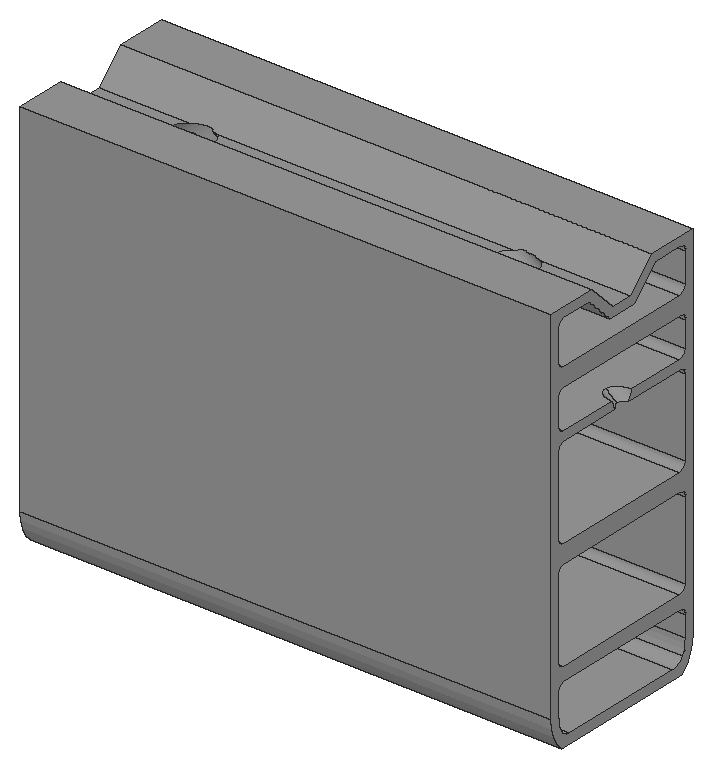
Revit family "ROTHOB_Rothoblaas_Plate_Slot", category Structural Connections, host Face, Revit 2020
Family settings
  Host = Face
  Material for Model Behavior = Other
  OmniClass Number = 23.13.23.11.19.13
  OmniClass Title = Wood Connectors
  Enable cutting in views = Yes
  Cut with Voids When Loaded = No
  Shared = No
Parameters (values of type "SLOT90_89x40x120mm")
  WarrantyStartDate [instance] = ""
  WarrantyGuarantorParts = "n/a"  # constant formula
  WarrantyGuarantorLabor = "n/a"  # constant formula
  WarrantyDurationUnit = "n/a"  # constant formula
  WarrantyDurationParts = "n/a"  # constant formula
  WarrantyDurationLabor = "n/a"  # constant formula
  WarrantyDescription = "n/a"  # constant formula
  Version = "2"  # constant formula
  UniClass2015Version = "Products v1.33"  # constant formula
  UniClass2015Title = "Aluminium structural sections"  # constant formula
  UniClass2015Code = "Pr_20_76_51_07"  # constant formula
  Tipo IFC predefinito = "USERDEFINED"  # constant formula
  SustainabilityPerformance = "n/a"  # constant formula
  Size = "89x40x120 mm"  # constant formula
  Shape = "Three-dimensional"  # constant formula
  ScrewNumber_nscrews = 2  # constant formula
  Revision = "1"  # constant formula
  ReplacementCost = "n/a"  # constant formula
  Manufacturer = "info@rothoblaas.com"  # constant formula
  InstallationDate [instance] = ""
  Description = "Connector for structural panels"  # constant formula
  Default Elevation = 1219.20 mm
  ProductInformation = "https://www.rothoblaas.com/products/fastening/brackets-and-plates/angle-brackets-and-plates-for-buildings/slot"  # constant formula
  ObjectMaterial = ROTHOB_Rothoblaas_Aluminium
  OmniClassVersion = "2012-05-16"  # constant formula
  OmniClassTitle = "Wood Connectors"  # constant formula
  OmniClassCode = "23-13 23 11 19 13"  # constant formula
  NominalWidth = Width_B  # 89.00 mm
  NominalLength = Length_L  # 120.00 mm
  NominalHeight = Height_H  # 40.00 mm
  Hwedge = 34.00 mm  # constant formula
  Height_H = 40.00 mm  # constant formula
  Name = "Plate"  # constant formula
  ModelReference = "n/a"  # constant formula
  ModelNumber = "SLOT90"  # constant formula
  ModelDisclaimer = "The latest version of the data sheets can be found on our website"  # constant formula
  MinWeight = "0.4 kg"  # constant formula
  Material = "Aluminium"  # constant formula
  ManufacturerURL = "www.rothoblaas.com"  # constant formula
  ManufacturerName = "ROTHO BLAAS SRL"  # constant formula
  IfcExportType = "USERDEFINED"  # constant formula
  IfcExportAs = "IfcMemberType"  # constant formula
  Width_B = 89.00 mm  # constant formula
  Grade = "n/a"  # constant formula
  Finish = "n/a"  # constant formula
  Features = "SLOT connector for edge connections for CLT, LVL and Glulam members"  # constant formula
  ExpectedLife = "50"  # constant formula
  Esporta tipo in formato IFC con nome = "IfcMemberType"  # constant formula
  DurationUnit = "Years"  # constant formula
  Length_L = 120.00 mm  # constant formula
  Constituents = "n/a"  # constant formula
  Color = "Silver"  # constant formula
  CodePerformance = "CE - Construction products"  # constant formula
  Category = "Pr_20_76_51_07: Aluminium structural sections"  # constant formula
  CETitle = "n/a"  # constant formula
  CECode = "ETA-19/0167"  # constant formula
  BIMObjectName = "ROTHOB_Rothoblaas_Plate_Slot"  # constant formula
  Author = "Vitor Ferronato"  # constant formula
  AssetType = "n/a"  # constant formula
  AccessibilityPerformance = "n/a"  # constant formula
Reference planes
  plane 1 "Centro (Fronte/Retro)": y = 0
  plane 2: z = 0
  plane 3 "Centro (Sinistra/Destra)": x = 0
  plane 4: x = 60
  plane 5: x = -60
  plane 6: y = 20
  plane 7: y = -20
  plane 8: z = -89
  plane 9: y = -17
  plane 10: y = 17
Forms (mm)
  Extrusion 1, solid, material "ROTHOB_Rothoblaas_Aluminium" <- "ObjectMaterial", detail levels fine
    sketch origin (0, 0, 0) x (0, 1, 0) y (0, 0, 1)
      loop
        line (20, 0) -> (8.5, 0) -> (2.5, -6) -> (-2.5, -6) -> (-8.5, 0) -> (-20, 0) -> (-20, -82)
        arc (-20, -82) -> (-19.218, -85.808) -> (-17, -89) r 9.667
        line (-17, -89) -> (17, -89)
        arc (17, -89) -> (19.218, -85.808) -> (20, -82) r 9.667
        line (20, -82) -> (20, 0)
      loop
        line (18, -82) -> (18, -77.264)
        arc (18, -77.264) -> (17.531, -76.133) -> (16.4, -75.664) r 1.6
        line (16.4, -75.664) -> (-16.4, -75.664)
        arc (-16.4, -75.664) -> (-17.531, -76.133) -> (-18, -77.264) r 1.6
        line (-18, -77.264) -> (-18, -82)
        arc (-18, -82) -> (-17.813, -83.684) -> (-17.26, -85.286) r 7.667
        arc (-17.26, -85.286) -> (-16.153, -86.535) -> (-14.55, -87) r 3
        line (-14.55, -87) -> (14.55, -87)
        arc (14.55, -87) -> (16.153, -86.535) -> (17.26, -85.286) r 3
        arc (17.26, -85.286) -> (17.813, -83.684) -> (18, -82) r 7.667
      loop
        line (16.4, -2) -> (9.328, -2) -> (3.328, -8) -> (-3.328, -8) -> (-9.328, -2) -> (-16.4, -2)
        arc (-16.4, -2) -> (-17.531, -2.469) -> (-18, -3.6) r 1.6
        line (-18, -3.6) -> (-18, -10.4)
        arc (-18, -10.4) -> (-17.531, -11.531) -> (-16.4, -12) r 1.6
        line (-16.4, -12) -> (16.4, -12)
        arc (16.4, -12) -> (17.531, -11.531) -> (18, -10.4) r 1.6
        line (18, -10.4) -> (18, -3.6)
        arc (18, -3.6) -> (17.531, -2.469) -> (16.4, -2) r 1.6
      loop
        line (16.4, -16) -> (-16.4, -16)
        arc (-16.4, -16) -> (-17.531, -16.469) -> (-18, -17.6) r 1.6
        line (-18, -17.6) -> (-18, -23.4)
        arc (-18, -23.4) -> (-17.531, -24.531) -> (-16.4, -25) r 1.6
        line (-16.4, -25) -> (16.4, -25)
        arc (16.4, -25) -> (17.531, -24.531) -> (18, -23.4) r 1.6
        line (18, -23.4) -> (18, -17.6)
        arc (18, -17.6) -> (17.531, -16.469) -> (16.4, -16) r 1.6
      loop
        line (16.4, -27) -> (-16.4, -27)
        arc (-16.4, -27) -> (-17.531, -27.469) -> (-18, -28.6) r 1.6
        line (-18, -28.6) -> (-18, -46.232)
        arc (-18, -46.232) -> (-17.531, -47.363) -> (-16.4, -47.832) r 1.6
        line (-16.4, -47.832) -> (16.4, -47.832)
        arc (16.4, -47.832) -> (17.531, -47.363) -> (18, -46.232) r 1.6
        line (18, -46.232) -> (18, -28.6)
        arc (18, -28.6) -> (17.531, -27.469) -> (16.4, -27) r 1.6
      loop
        line (16.4, -51.832) -> (-16.4, -51.832)
        arc (-16.4, -51.832) -> (-17.531, -52.301) -> (-18, -53.432) r 1.6
        line (-18, -53.432) -> (-18, -71.064)
        arc (-18, -71.064) -> (-17.531, -72.195) -> (-16.4, -72.664) r 1.6
        line (-16.4, -72.664) -> (16.4, -72.664)
        arc (16.4, -72.664) -> (17.531, -72.195) -> (18, -71.064) r 1.6
        line (18, -71.064) -> (18, -53.432)
        arc (18, -53.432) -> (17.531, -52.301) -> (16.4, -51.832) r 1.6
    from -60 to 60
  Extrusion 2, void
    sketch origin (0, 0, 0) x (1, 0, 0) y (0, 1, 0)
      loop
        arc (-60, 20) -> (-80, 0) -> (-60, -20) r 20
        line (-60, -20) -> (60, -20)
        arc (60, -20) -> (80, 0) -> (60, 20) r 20
        line (60, 20) -> (-60, 20)
    from -89 to 0
  Extrusion 3, void
    sketch origin (65.436, 2.553, -188.024) x (0.615661, 0, 0.788011) y (0, 1, 0)
      loop
        circle (125.702, -2.5) r 2.9
    from 98.798 to 148.347
  Extrusion 4, void
    sketch origin (-65.436, 2.547, -188.024) x (-0.615661, 0, 0.788011) y (0, -1, 0)
      loop
        circle (125.702, 2.5) r 2.9
    from 98.798 to 148.347
Cuts and joins
  Extrusion 3, Extrusion 4 cuts Extrusion 1
Lines and regions (mm)
  model lines, detail levels coarse
    curve 1: line (60, -20, 0) -> (-60, -20, 0)
    curve 2: line (-60, 20, 0) -> (60, 20, 0)
    curve 25: line (-60, 17, -89) -> (60, 17, -89)
    curve 26: line (60, -17, -89) -> (-60, -17, -89)
  model lines, detail levels coarse+medium
    curve 3: line (60, 8.5, 0) -> (-60, 8.5, 0)
    curve 4: line (-60, -8.5, 0) -> (60, -8.5, 0)
    curve 5: line (60, -20, 0) -> (60, -20, -82)
    curve 6: arc (60, -20, -82) -> (60, -19.218, -85.808) -> (60, -17, -89) r 9.667
    curve 7: line (60, -17, -89) -> (60, 17, -89)
    curve 8: arc (60, 17, -89) -> (60, 19.218, -85.808) -> (60, 20, -82) r 9.667
    curve 9: line (60, 20, -82) -> (60, 20, 0)
    curve 10: line (60, 20, 0) -> (60, 8.5, 0)
    curve 11: line (60, 8.5, 0) -> (60, 2.5, -6)
    curve 12: line (60, 2.5, -6) -> (60, -2.5, -6)
    curve 13: line (60, -2.5, -6) -> (60, -8.5, 0)
    curve 14: line (60, -8.5, 0) -> (60, -20, 0)
    curve 15: line (-60, -20, -82) -> (-60, -20, 0)
    curve 16: line (-60, -20, 0) -> (-60, -8.5, 0)
    curve 17: line (-60, -8.5, 0) -> (-60, -2.5, -6)
    curve 18: line (-60, -2.5, -6) -> (-60, 2.5, -6)
    curve 19: line (-60, 2.5, -6) -> (-60, 8.5, 0)
    curve 20: line (-60, 8.5, 0) -> (-60, 20, 0)
    curve 21: line (-60, 20, 0) -> (-60, 20, -82)
    curve 22: arc (-60, 20, -82) -> (-60, 19.218, -85.808) -> (-60, 17, -89) r 9.667
    curve 23: line (-60, 17, -89) -> (-60, -17, -89)
    curve 24: arc (-60, -17, -89) -> (-60, -19.218, -85.808) -> (-60, -20, -82) r 9.667
    curve 27: line (60, -2.5, -6) -> (-60, -2.5, -6)
    curve 28: line (-60, 2.5, -6) -> (60, 2.5, -6)
    curve 121: arc (-34.122, 2.473, -6) -> (-32.633, 1.594, -6) -> (-31.89, 0.031, -6) r 2.954
    curve 122: arc (-31.89, 0.031, -6) -> (-32.745, -1.609, -6) -> (-34.384, -2.467, -6) r 3.09
    curve 123: arc (-41.368, 0.031, -6) -> (-40.626, 1.594, -6) -> (-39.136, 2.473, -6) r 2.954
    curve 124: arc (-38.875, -2.467, -6) -> (-40.513, -1.609, -6) -> (-41.368, 0.031, -6) r 3.09
    curve 125: arc (-39.107, 2.457, -6.043) -> (-36.611, 2.957, -5.543) -> (-34.084, 2.543, -5.957) r 5.203
    curve 126: arc (-34.36, -2.528, -5.972) -> (-36.619, -2.859, -5.641) -> (-38.861, -2.472, -6.028) r 5.238
    curve 127: arc (34.069, 2.544, -5.956) -> (36.611, 2.963, -5.537) -> (39.12, 2.456, -6.044) r 5.201
    curve 128: arc (38.845, -2.472, -6.028) -> (36.619, -2.854, -5.646) -> (34.377, -2.528, -5.972) r 5.24
    curve 129: arc (31.89, 0.035, -6) -> (32.627, 1.593, -6) -> (34.109, 2.473, -6) r 2.947
    curve 130: arc (34.4, -2.467, -6) -> (32.752, -1.61, -6) -> (31.89, 0.035, -6) r 3.098
    curve 131: arc (41.368, 0.035, -6) -> (40.506, -1.61, -6) -> (38.858, -2.467, -6) r 3.098
    curve 132: arc (39.15, 2.473, -6) -> (40.632, 1.593, -6) -> (41.368, 0.035, -6) r 2.947
  model lines, detail levels medium
    curve 29: line (60, -18, -82) -> (60, -18, -77.264)
    curve 30: arc (60, -18, -77.264) -> (60, -17.531, -76.133) -> (60, -16.4, -75.664) r 1.6
    curve 31: line (60, -16.4, -75.664) -> (60, 16.4, -75.664)
    curve 32: arc (60, 16.4, -75.664) -> (60, 17.531, -76.133) -> (60, 18, -77.264) r 1.6
    curve 33: line (60, 18, -77.264) -> (60, 18, -82)
    curve 34: arc (60, 18, -82) -> (60, 17.813, -83.684) -> (60, 17.26, -85.286) r 7.667
    curve 35: arc (60, 17.26, -85.286) -> (60, 16.153, -86.535) -> (60, 14.55, -87) r 3
    curve 36: line (60, 14.55, -87) -> (60, -14.55, -87)
    curve 37: arc (60, -14.55, -87) -> (60, -16.153, -86.535) -> (60, -17.26, -85.286) r 3
    curve 38: arc (60, -17.26, -85.286) -> (60, -17.813, -83.684) -> (60, -18, -82) r 7.667
    curve 39: line (60, -18, -71.064) -> (60, -18, -53.432)
    curve 40: arc (60, -18, -53.432) -> (60, -17.531, -52.301) -> (60, -16.4, -51.832) r 1.6
    curve 41: line (60, -16.4, -51.832) -> (60, 16.4, -51.832)
    curve 42: arc (60, 16.4, -51.832) -> (60, 17.531, -52.301) -> (60, 18, -53.432) r 1.6
    curve 43: line (60, 18, -53.432) -> (60, 18, -71.064)
    curve 44: arc (60, 18, -71.064) -> (60, 17.531, -72.195) -> (60, 16.4, -72.664) r 1.6
    curve 45: line (60, 16.4, -72.664) -> (60, -16.4, -72.664)
    curve 46: arc (60, -16.4, -72.664) -> (60, -17.531, -72.195) -> (60, -18, -71.064) r 1.6
    curve 47: line (60, -18, -46.232) -> (60, -18, -28.6)
    curve 48: arc (60, -18, -28.6) -> (60, -17.531, -27.469) -> (60, -16.4, -27) r 1.6
    curve 49: line (60, -16.4, -27) -> (60, 16.4, -27)
    curve 50: arc (60, 16.4, -27) -> (60, 17.531, -27.469) -> (60, 18, -28.6) r 1.6
    curve 51: line (60, 18, -28.6) -> (60, 18, -46.232)
    curve 52: arc (60, 18, -46.232) -> (60, 17.531, -47.363) -> (60, 16.4, -47.832) r 1.6
    curve 53: line (60, 16.4, -47.832) -> (60, -16.4, -47.832)
    curve 54: arc (60, -16.4, -47.832) -> (60, -17.531, -47.363) -> (60, -18, -46.232) r 1.6
    curve 55: line (60, -16.4, -16) -> (60, 16.4, -16)
    curve 56: arc (60, 16.4, -16) -> (60, 17.531, -16.469) -> (60, 18, -17.6) r 1.6
    curve 57: line (60, 18, -17.6) -> (60, 18, -23.4)
    curve 58: arc (60, 18, -23.4) -> (60, 17.531, -24.531) -> (60, 16.4, -25) r 1.6
    curve 59: line (60, 16.4, -25) -> (60, -16.4, -25)
    curve 60: arc (60, -16.4, -25) -> (60, -17.531, -24.531) -> (60, -18, -23.4) r 1.6
    curve 61: line (60, -18, -23.4) -> (60, -18, -17.6)
    curve 62: arc (60, -18, -17.6) -> (60, -17.531, -16.469) -> (60, -16.4, -16) r 1.6
    curve 63: line (60, -16.4, -2) -> (60, -9.328, -2)
    curve 64: line (60, -9.328, -2) -> (60, -3.328, -8)
    curve 65: line (60, -3.328, -8) -> (60, 3.328, -8)
    curve 66: line (60, 3.328, -8) -> (60, 9.328, -2)
    curve 67: line (60, 9.328, -2) -> (60, 16.4, -2)
    curve 68: arc (60, 16.4, -2) -> (60, 17.531, -2.469) -> (60, 18, -3.6) r 1.6
    curve 69: line (60, 18, -3.6) -> (60, 18, -10.4)
    curve 70: arc (60, 18, -10.4) -> (60, 17.531, -11.531) -> (60, 16.4, -12) r 1.6
    curve 71: line (60, 16.4, -12) -> (60, -16.4, -12)
    curve 72: arc (60, -16.4, -12) -> (60, -17.531, -11.531) -> (60, -18, -10.4) r 1.6
    curve 73: line (60, -18, -10.4) -> (60, -18, -3.6)
    curve 74: arc (60, -18, -3.6) -> (60, -17.531, -2.469) -> (60, -16.4, -2) r 1.6
    curve 75: line (-60, 16.4, -75.664) -> (-60, -16.4, -75.664)
    curve 76: arc (-60, -16.4, -75.664) -> (-60, -17.531, -76.133) -> (-60, -18, -77.264) r 1.6
    curve 77: line (-60, -18, -77.264) -> (-60, -18, -82)
    curve 78: arc (-60, -18, -82) -> (-60, -17.813, -83.684) -> (-60, -17.26, -85.286) r 7.667
    curve 79: arc (-60, -17.26, -85.286) -> (-60, -16.153, -86.535) -> (-60, -14.55, -87) r 3
    curve 80: line (-60, -14.55, -87) -> (-60, 14.55, -87)
    curve 81: arc (-60, 14.55, -87) -> (-60, 16.153, -86.535) -> (-60, 17.26, -85.286) r 3
    curve 82: arc (-60, 17.26, -85.286) -> (-60, 17.813, -83.684) -> (-60, 18, -82) r 7.667
    curve 83: line (-60, 18, -82) -> (-60, 18, -77.264)
    curve 84: arc (-60, 18, -77.264) -> (-60, 17.531, -76.133) -> (-60, 16.4, -75.664) r 1.6
    curve 85: line (-60, 18, -71.064) -> (-60, 18, -53.432)
    curve 86: arc (-60, 18, -53.432) -> (-60, 17.531, -52.301) -> (-60, 16.4, -51.832) r 1.6
    curve 87: line (-60, 16.4, -51.832) -> (-60, -16.4, -51.832)
    curve 88: arc (-60, -16.4, -51.832) -> (-60, -17.531, -52.301) -> (-60, -18, -53.432) r 1.6
    curve 89: line (-60, -18, -53.432) -> (-60, -18, -71.064)
    curve 90: arc (-60, -18, -71.064) -> (-60, -17.531, -72.195) -> (-60, -16.4, -72.664) r 1.6
    curve 91: line (-60, -16.4, -72.664) -> (-60, 16.4, -72.664)
    curve 92: arc (-60, 16.4, -72.664) -> (-60, 17.531, -72.195) -> (-60, 18, -71.064) r 1.6
    curve 93: line (-60, 18, -46.232) -> (-60, 18, -28.6)
    curve 94: arc (-60, 18, -28.6) -> (-60, 17.531, -27.469) -> (-60, 16.4, -27) r 1.6
    curve 95: line (-60, 16.4, -27) -> (-60, -16.4, -27)
    curve 96: arc (-60, -16.4, -27) -> (-60, -17.531, -27.469) -> (-60, -18, -28.6) r 1.6
    curve 97: line (-60, -18, -28.6) -> (-60, -18, -46.232)
    curve 98: arc (-60, -18, -46.232) -> (-60, -17.531, -47.363) -> (-60, -16.4, -47.832) r 1.6
    curve 99: line (-60, -16.4, -47.832) -> (-60, 16.4, -47.832)
    curve 100: arc (-60, 16.4, -47.832) -> (-60, 17.531, -47.363) -> (-60, 18, -46.232) r 1.6
    curve 101: line (-60, 18, -23.4) -> (-60, 18, -17.6)
    curve 102: arc (-60, 18, -17.6) -> (-60, 17.531, -16.469) -> (-60, 16.4, -16) r 1.6
    curve 103: line (-60, 16.4, -16) -> (-60, -16.4, -16)
    curve 104: arc (-60, -16.4, -16) -> (-60, -17.531, -16.469) -> (-60, -18, -17.6) r 1.6
    curve 105: line (-60, -18, -17.6) -> (-60, -18, -23.4)
    curve 106: arc (-60, -18, -23.4) -> (-60, -17.531, -24.531) -> (-60, -16.4, -25) r 1.6
    curve 107: line (-60, -16.4, -25) -> (-60, 16.4, -25)
    curve 108: arc (-60, 16.4, -25) -> (-60, 17.531, -24.531) -> (-60, 18, -23.4) r 1.6
    curve 109: line (-60, 18, -10.4) -> (-60, 18, -3.6)
    curve 110: arc (-60, 18, -3.6) -> (-60, 17.531, -2.469) -> (-60, 16.4, -2) r 1.6
    curve 111: line (-60, 16.4, -2) -> (-60, 9.328, -2)
    curve 112: line (-60, 9.328, -2) -> (-60, 3.328, -8)
    curve 113: line (-60, 3.328, -8) -> (-60, -3.328, -8)
    curve 114: line (-60, -3.328, -8) -> (-60, -9.328, -2)
    curve 115: line (-60, -9.328, -2) -> (-60, -16.4, -2)
    curve 116: arc (-60, -16.4, -2) -> (-60, -17.531, -2.469) -> (-60, -18, -3.6) r 1.6
    curve 117: line (-60, -18, -3.6) -> (-60, -18, -10.4)
    curve 118: arc (-60, -18, -10.4) -> (-60, -17.531, -11.531) -> (-60, -16.4, -12) r 1.6
    curve 119: line (-60, -16.4, -12) -> (-60, 16.4, -12)
    curve 120: arc (-60, 16.4, -12) -> (-60, 17.531, -11.531) -> (-60, 18, -10.4) r 1.6
Dimensions and locks
  equal spacing: host sketch curve, plane 3 "Centro (Sinistra/Destra)", host sketch curve
  host sketch curve to host sketch curve = 190.00 mm
  equal spacing: host sketch curve, plane 1 "Centro (Fronte/Retro)", host sketch curve
  host sketch curve to host sketch curve = 100.00 mm
  "Length_L": plane 5 to plane 4
  equal spacing: plane 5, plane 3 "Centro (Sinistra/Destra)", plane 4
  equal spacing: plane 6, plane 1 "Centro (Fronte/Retro)", plane 7
  "Height_H": plane 6 to plane 7
  "Width_B": plane 2 to plane 8
  equal spacing: plane 9, plane 1 "Centro (Fronte/Retro)", plane 10
  "Hwedge": plane 9 to plane 10
  aligned and locked: plane 2 to host face
  aligned and locked: level to host face
  aligned and locked: Extrusion 1 sketch curve to plane 2
  aligned and locked: Extrusion 1 sketch curve to plane 6
  aligned and locked: Extrusion 1 sketch curve to plane 7
  aligned and locked: plane 8 to Extrusion 1 sketch curve
  aligned and locked: Extrusion 2 sketch curve to plane 6
  aligned and locked: Extrusion 2 sketch curve to plane 7
  aligned and locked: plane 2 to Extrusion 2
  aligned and locked: Extrusion 2 to plane 8
  aligned and locked: plane 5 to Extrusion 1
  aligned and locked: plane 4 to Extrusion 1
  aligned and locked: plane 9 to Extrusion 1 sketch curve
  aligned and locked: plane 10 to Extrusion 1 sketch curve
  aligned and locked: curve 2 to plane 6
  aligned and locked: curve 1 to plane 7
  aligned and locked: curve 3 to Extrusion 1
  aligned and locked: curve 4 to Extrusion 1
  aligned and locked: curve 5 to Extrusion 1
  aligned and locked: curve 6 to Extrusion 1
  aligned and locked: curve 7 to Extrusion 1
  aligned and locked: curve 8 to Extrusion 1
  aligned and locked: curve 10 to Extrusion 1
  aligned and locked: curve 11 to Extrusion 1
  aligned and locked: curve 12 to Extrusion 1
  aligned and locked: curve 13 to Extrusion 1
  aligned and locked: curve 14 to Extrusion 1
  aligned and locked: curve 16 to Extrusion 1
  aligned and locked: curve 17 to Extrusion 1
  aligned and locked: curve 18 to Extrusion 1
  aligned and locked: curve 19 to Extrusion 1
  aligned and locked: curve 20 to Extrusion 1
  aligned and locked: curve 21 to Extrusion 1
  aligned and locked: curve 22 to Extrusion 1
  aligned and locked: curve 23 to Extrusion 1
  aligned and locked: curve 24 to Extrusion 1
  aligned and locked: curve 25 to Extrusion 1
  aligned and locked: curve 26 to Extrusion 1
  aligned and locked: curve 27 to Extrusion 1
  aligned and locked: curve 28 to Extrusion 1
  aligned and locked: curve 34 to Extrusion 1
  aligned and locked: curve 35 to Extrusion 1
Automatic sketch dimensions
  Extrusion 1 sketch curve to Extrusion 1 sketch curve = 0.00 mm  (x4)
  Extrusion 1 sketch curve to level = 0.00 mm
  plane 9 to Extrusion 1 sketch curve = 1.00 mm  (x5)
  Extrusion 1 sketch curve to plane 9 = 0.60 mm  (x9)
  Extrusion 1 sketch curve to plane 9 = 2.45 mm
  Extrusion 1 sketch curve to Extrusion 1 sketch curve = 4.216 mm
  Extrusion 1 sketch curve to level = 2.00 mm  (x2)
  Extrusion 1 sketch curve to Extrusion 1 sketch curve = 7.072 mm
  Extrusion 1 sketch curve to Extrusion 1 sketch curve = 0.828 mm  (x4)
  plane 1 "Centro (Fronte/Retro)" to Extrusion 1 sketch curve = 3.328 mm
  Extrusion 1 sketch curve to plane 1 "Centro (Fronte/Retro)" = 2.50 mm
  Extrusion 1 sketch curve to Extrusion 1 sketch curve = 6.00 mm
  Extrusion 1 sketch curve to plane 10 = 6.667 mm
  Extrusion 1 sketch curve to plane 10 = 2.45 mm
  Extrusion 1 sketch curve to plane 10 = 0.60 mm  (x9)
  plane 10 to Extrusion 1 sketch curve = 1.00 mm  (x5)
  plane 8 to Extrusion 1 sketch curve = 2.00 mm
  Extrusion 1 sketch curve to Extrusion 1 sketch curve = 3.00 mm  (x3)
  Extrusion 1 sketch curve to Extrusion 1 sketch curve = 4.736 mm
  Extrusion 1 sketch curve to Extrusion 1 sketch curve = 17.632 mm  (x2)
  Extrusion 1 sketch curve to Extrusion 1 sketch curve = 4.00 mm  (x2)
  Extrusion 1 sketch curve to Extrusion 1 sketch curve = 2.00 mm  (x2)
  Extrusion 1 sketch curve to Extrusion 1 sketch curve = 5.80 mm
  Extrusion 1 sketch curve to level = 8.00 mm
  Extrusion 2 sketch curve to plane 5 = 0.00 mm
  Extrusion 2 sketch curve to plane 4 = 0.00 mm
  curve 6 to curve 38 = 0.00 mm  (x2)
  curve 6 to Extrusion 1 = 0.00 mm
  curve 74 to Extrusion 1 = 0.00 mm
  curve 63 to Extrusion 1 = 0.00 mm
  Extrusion 1 to curve 64 = 0.00 mm
  curve 64 to Extrusion 1 = 0.00 mm
  curve 65 to Extrusion 1 = 0.00 mm
  Extrusion 1 to curve 66 = 0.00 mm
  Extrusion 1 to curve 74 = 1.60 mm
  Extrusion 1 to curve 55 = 1.60 mm
  Extrusion 1 to curve 54 = 1.60 mm
  Extrusion 1 to curve 46 = 1.60 mm
  curve 6 to curve 36 = 2.45 mm
  Extrusion 1 to curve 50 = 1.60 mm
  Extrusion 1 to curve 70 = 1.60 mm
  Extrusion 1 to curve 41 = 1.60 mm
  Extrusion 1 to curve 58 = 1.60 mm
  curve 32 to curve 32 = 1.60 mm
  curve 36 to curve 37 = 3.00 mm
  curve 24 to curve 78 = 0.00 mm  (x2)
  curve 119 to Extrusion 1 = 0.00 mm
  curve 115 to Extrusion 1 = 0.00 mm
  curve 114 to Extrusion 1 = 0.00 mm  (x2)
  curve 112 to Extrusion 1 = 0.00 mm
  curve 111 to Extrusion 1 = 0.00 mm
  curve 119 to Extrusion 1 = 1.60 mm  (x2)
  curve 103 to Extrusion 1 = 1.60 mm
  curve 96 to curve 96 = 1.60 mm
  curve 88 to Extrusion 1 = 1.60 mm
  curve 81 to Extrusion 1 = 3.45 mm
  curve 99 to Extrusion 1 = 1.60 mm
  curve 91 to Extrusion 1 = 1.60 mm
  curve 84 to curve 84 = 1.60 mm
  curve 107 to Extrusion 1 = 1.60 mm
  curve 81 to curve 81 = 3.00 mm
  curve 26 to Extrusion 1 = 0.00 mm  (x2)
  curve 25 to Extrusion 1 = 0.00 mm  (x2)
  curve 28 to Extrusion 1 = 0.00 mm  (x2)
  curve 27 to Extrusion 1 = 0.00 mm  (x2)
  Extrusion 3 sketch curve to plane 1 "Centro (Fronte/Retro)" = 0.053 mm
  Extrusion 4 sketch curve to plane 1 "Centro (Fronte/Retro)" = 0.047 mm
  curve 1 to plane 5 = 0.00 mm
  curve 2 to plane 5 = 0.00 mm
  curve 3 to plane 5 = 0.00 mm
  curve 4 to plane 5 = 0.00 mm
  curve 3 to plane 4 = 0.00 mm
  curve 2 to plane 4 = 0.00 mm
  curve 1 to plane 4 = 0.00 mm
  curve 4 to plane 4 = 0.00 mm
  Extrusion 1 to curve 121 = 2.10 mm
  curve 121 to curve 122 = 0.973 mm
  Extrusion 1 to curve 121 = 25.187 mm
  curve 121 to curve 122 = 0.119 mm
  Extrusion 1 to curve 122 = 0.033 mm
  Extrusion 1 to curve 122 = 2.469 mm
  Extrusion 1 to curve 121 = 0.027 mm
  curve 122 to curve 121 = 2.923 mm
  Extrusion 1 to curve 123 = 2.10 mm
  curve 123 to curve 124 = 0.973 mm
  curve 122 to curve 124 = 3.395 mm
  curve 124 to curve 123 = 0.119 mm
  Extrusion 1 to curve 124 = 0.033 mm
  Extrusion 1 to curve 124 = 2.469 mm
  Extrusion 1 to curve 123 = 0.027 mm
  curve 123 to curve 124 = 0.429 mm
  Extrusion 1 to curve 129 = 2.11 mm
  curve 129 to curve 130 = 0.974 mm
  Extrusion 1 to curve 130 = 25.061 mm
  curve 130 to curve 129 = 0.133 mm
  Extrusion 1 to curve 130 = 0.033 mm
  Extrusion 1 to curve 130 = 2.465 mm
  Extrusion 1 to curve 129 = 0.027 mm
  curve 129 to curve 130 = 0.406 mm
  Extrusion 1 to curve 132 = 2.11 mm
  curve 132 to curve 131 = 0.974 mm
  curve 132 to curve 129 = 3.646 mm
  curve 132 to curve 131 = 0.133 mm
  Extrusion 1 to curve 131 = 0.033 mm
  Extrusion 1 to curve 131 = 2.465 mm
  Extrusion 1 to curve 132 = 0.027 mm
  curve 131 to curve 132 = 2.916 mm
  radius of curve 30 to Extrusion 1 = 0.00 mm
  radius of curve 40 to Extrusion 1 = 0.00 mm
  radius of curve 44 to Extrusion 1 = 0.00 mm
  radius of curve 48 to Extrusion 1 = 0.00 mm
  radius of curve 52 to Extrusion 1 = 0.00 mm
  radius of curve 56 to Extrusion 1 = 0.00 mm
  radius of curve 60 to Extrusion 1 = 0.00 mm
  radius of curve 68 to Extrusion 1 = 0.00 mm
  radius of curve 72 to Extrusion 1 = 0.00 mm
  radius of curve 76 to Extrusion 1 = 0.00 mm
  radius of curve 79 to Extrusion 1 = 0.00 mm
  radius of curve 82 to Extrusion 1 = 0.00 mm
  radius of curve 86 to Extrusion 1 = 0.00 mm
  radius of curve 90 to Extrusion 1 = 0.00 mm
  radius of curve 94 to Extrusion 1 = 0.00 mm
  radius of curve 98 to Extrusion 1 = 0.00 mm
  radius of curve 102 to Extrusion 1 = 0.00 mm
  radius of curve 106 to Extrusion 1 = 0.00 mm
  radius of curve 110 to Extrusion 1 = 0.00 mm
  radius of curve 116 to Extrusion 1 = 0.00 mm
  radius of Extrusion 3 sketch curve = 2.90 mm
  radius of Extrusion 4 sketch curve = 2.90 mm
